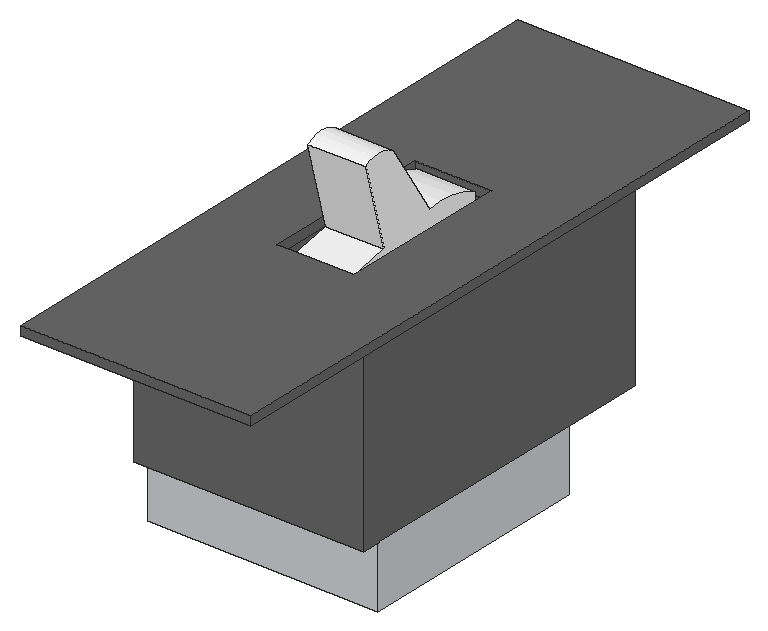
Revit family "Switch_Toggle_Leviton_Toggle-Lev-Lok", category Electrical Fixtures, Revit 2024
Family settings
  Round Connector Dimension = Use Diameter
  Part Type = Normal
  Work Plane-Based = Yes
  Always vertical = No
  Cut with Voids When Loaded = No
  Maintain Annotation Orientation = No
  Shared = No
  Room Calculation Point = No
Parameters
  offset [instance] = 0' - 0"
  Warranty Duration (Years) = 0
  Voltage_MEP = 0 V
  Unit Width = 0' - 1 1/2"
  Unit Height = 0' - 4 15/256"
  Unit Depth = 0' - 1 9/64"
  URL = "http://www.leviton.com/OA_HTML/Home.jsp?minisite=10251&respid=22372"
  Termination = "as Specified"
  Switch Height = 0' - 1"
  Standards Conformance = "as Specified"
  Specification = ""
  SpecWizard = ""
  Send Message = "http://www.arcat.com/users.pl?action=UserEmail&company=Leviton+Mfg.+Co.,+Inc.&coid=41690&rep=117&fax=631-812-6252&mf="
  Screw Mounts Location = 0' - 3 9/32"
  Sales Information = "http://www.leviton.com/OA_HTML/SectionDisplay.jsp?section=37579&minisite=10251"
  Revision = "R1_10-2012"
  Projection From Host = 0' - 0 161/256"
  Product Properties = ""
  Product Data = "http://arcat.com/arcatcos/cos41/arc41690.html?isac=1&r=1"
  Number of Poles = 1
  Model = "As Specified"
  Maximum Amperage = 0
  Manufacturer Website = "http://www.leviton.com/OA_HTML/Home.jsp?minisite=10251&respid=22372"
  Manufacturer Phone - Toll Free = "800-323-8920"
  Manufacturer Phone = ""
  Manufacturer Fax = "631-812-6252"
  Manufacturer Address = "201 N. Service Rd. Melville, NY 11747"
  Manufacturer = "Leviton Mfg. Co., Inc."
  Maintenance Schedule (Months) = 0
  MEP Apparent Power = 0 VA
  MEP Amperage = 0 A
  LevLok Wiring Module Type [instance] = LevLokWiringModule : MSPSW-SD
  Grounding = "as Specified"
  Backing Color = Thermoplastic - Leviton - Black
  Keynote = "16140"
  Installation-Fabrication = ""
  Installation Phase = "Electrical Wiring"
  HP Rating = "as Specified"
  Green Building-LEED = ""
  Fixture Material = Thermoplastic - Leviton - White
  Fixture Grade = "as Specified"
  Fixture Application = "as Specified"
  Expected Lifespan (Years) = 0
  Drawn By = "Sumex Design, Inc. / Robert S. Weygant, CSI, CDT, SCIP"
  Description = "Leviton Product as Specified"
  Default Elevation = 4' - 0"
  Copyright = "©Arcat Inc."
  Construction Details = ""
  Fixture Height = 0' - 2 27/128"
  Assembly Code = "D5020100"
  Acceptable Loads = "as Specified"
Reference planes (in)
  plane 1 "Center (Front/Back)": y = 0
  plane 2 "Bottom": z = 0
  plane 3 "Center (Left/Right)": x = 0
  plane 4 "Front": y = -2.0293
  plane 5 "Back": y = 2.0293
  plane 6 "Left": x = -0.75
  plane 7 "Right": x = 0.75
  plane 8 "Top": z = 0.62891
  plane 9: z = -1.14062
  plane 10: y = 0.5
  plane 11: y = -0.5
  plane 12: z = 0.45352
  plane 13: y = 1.10547
  plane 14: y = -1.10547
  plane 15: y = 1.64062
  plane 16: y = -1.64063
Forms (in)
  Extrusion 1, solid, material "Thermoplastic - Leviton - Black" <- "Backing Color"
    sketch origin (0, 0, 0) x (1, 0, 0) y (0, 1, 0)
      loop
        line (-0.75, 2.0293) -> (-0.75, -2.0293) -> (0.75, -2.0293) -> (0.75, 2.0293) -> (-0.75, 2.0293)
    from 0 to 0.0625
  Extrusion 2, solid, material "Thermoplastic - Leviton - Black" <- "Backing Color"
    sketch origin (0, 0, 0) x (1, 0, 0) y (0, 1, 0)
      loop
        line (-0.75, 1.10547) -> (-0.75, -1.10547) -> (0.75, -1.10547) -> (0.75, 1.10547) -> (-0.75, 1.10547)
    from 0 to -1.14062
  Extrusion 3, solid, material "Thermoplastic - Leviton - White" <- "Fixture Material"
    sketch origin (0, 0, 0) x (0, 1, 0) y (0, 0, 1)
      loop
        line (-0.24082, 0.05117) -> (-0.5, 0) -> (0.5, 0) -> (0.5, 0.0625)
        arc (0.5, 0.0625) -> (0.32175, 0.11934) -> (0.1347, 0.11601) r 0.57552
        line (0.1347, 0.11601) -> (-0.1633, 0.5929)
        arc (-0.1633, 0.5929) -> (-0.2746, 0.62897) -> (-0.3863, 0.59414) r 0.19309
        line (-0.3863, 0.59414) -> (-0.24082, 0.05117)
    from 0.1875 to -0.1875
  Extrusion 4, void
    sketch origin (0, 0, 0) x (1, 0, 0) y (0, 1, 0)
      loop
        line (-0.25, 0.5625) -> (-0.25, -0.5625) -> (0.25, -0.5625) -> (0.25, 0.5625) -> (-0.25, 0.5625)
    from 0.0625 to -0.13804
Cuts and joins
  Extrusion 4 cuts Extrusion 1
  Extrusion 4 cuts Extrusion 2
Dimensions and locks (in)
  equal spacing: plane 6 "Left", plane 3 "Center (Left/Right)", plane 7 "Right"
  "Unit Width": plane 6 "Left" to plane 7 "Right"
  equal spacing: plane 5 "Back", plane 1 "Center (Front/Back)", plane 4 "Front"
  "Unit Height": plane 5 "Back" to plane 4 "Front"
  "Projection From Host": plane 8 "Top" to level
  "Unit Depth": level to plane 9
  equal spacing: plane 10, plane 1 "Center (Front/Back)", plane 11
  "Switch Height": plane 10 to plane 11
  locked: plane 12 to plane 8 "Top" at 0.17539
  equal spacing: plane 13, plane 1 "Center (Front/Back)", plane 14
  "Fixture Height": plane 13 to plane 14
  equal spacing: plane 15, plane 1 "Center (Front/Back)", plane 16
  "Screw Mounts Location": plane 15 to plane 16
  aligned and locked: plane 6 "Left" to Extrusion 1 sketch curve
  aligned and locked: Extrusion 1 sketch curve to plane 5 "Back"
  aligned and locked: plane 4 "Front" to Extrusion 1 sketch curve
  aligned and locked: Extrusion 1 sketch curve to plane 7 "Right"
  aligned and locked: plane 6 "Left" to Extrusion 2 sketch curve
  aligned and locked: Extrusion 2 sketch curve to plane 13
  aligned and locked: plane 14 to Extrusion 2 sketch curve
  aligned and locked: Extrusion 2 sketch curve to plane 7 "Right"
  aligned and locked: Extrusion 2 to plane 9
  aligned and locked: level to Extrusion 2
Automatic sketch dimensions
  Extrusion 3 sketch curve to level = 0' - 0"
  Extrusion 3 sketch curve to plane 11 = 0' - 0"
  Extrusion 3 sketch curve to plane 10 = 0' - 0"
  Extrusion 3 sketch curve to plane 8 "Top" = 0' - 0.03477"
  plane 11 to Extrusion 3 sketch curve = 0' - 0.1137"
  plane 12 to Extrusion 3 sketch curve = 0' - 0.01764"
  Extrusion 3 sketch curve to Extrusion 3 sketch curve = 0' - 0.11062"
  level to Extrusion 3 sketch curve = 0' - 0.05117"
  plane 1 "Center (Front/Back)" to Extrusion 3 sketch curve = 0' - 0.24082"
  Extrusion 3 sketch curve to plane 8 "Top" = 0' - 0.03601"
  Extrusion 3 sketch curve to plane 1 "Center (Front/Back)" = 0' - 0.1347"
  Extrusion 3 sketch curve to plane 1 "Center (Front/Back)" = 0' - 0.23835"
  Extrusion 3 sketch curve to level = 0' - 0.4501"
  Extrusion 3 sketch curve to Extrusion 3 sketch curve = 0' - 0 1/16"
  Extrusion 4 sketch curve to plane 11 = 0' - 0 1/16"
  Extrusion 4 sketch curve to plane 3 "Center (Left/Right)" = 0' - 0 1/4"
  plane 10 to Extrusion 4 sketch curve = 0' - 0 1/16"
  plane 3 "Center (Left/Right)" to Extrusion 4 sketch curve = 0' - 0 1/4"
Nested families (in)
  nested 1: "LevLokWiringModule" at (0, -0.2113, -1.14063) x (1, 0, 0) z (0, 0, -1), type <- "LevLok Wiring Module Type", type "MSPSW-SD"
    with offset 0' - 0"
Connectors (in)
  electrical at (0, 0, 0)
    settings: index 1, voltage 0 V, apparent load 0 VA, apparent load phase1 0 VA, apparent load phase2 0 VA, apparent load phase3 0 VA, power factor 1, load classification "Other", number of poles 1, system type 31, power factor state 1, is connector primary yes, connector utility no, sub classification motor no, connector description ""
Definition of nested family "LevLokWiringModule"
  Parameters
    offset [instance] = 0' - 0"
    Warranty Duration (Years) = 0
    Voltage_MEP = 0 V
    Unit Width = 0' - 1 1/2"
    Unit Height = 0' - 1 141/256"
    Unit Depth = 0' - 0 51/128"
    URL = "http://www.leviton.com/OA_HTML/Home.jsp?minisite=10251&respid=22372"
    Termination = "as Specified"
    Specification = ""
    SpecWizard = ""
    Send Message = "http://www.arcat.com/users.pl?action=UserEmail&company=Leviton+Mfg.+Co.,+Inc.&coid=41690&rep=117&fax=631-812-6252&mf="
    Sales Information = "http://www.leviton.com/OA_HTML/SectionDisplay.jsp?section=37579&minisite=10251"
    Revision = "R1_10-2012"
    Product Properties = ""
    Product Data = "http://arcat.com/arcatcos/cos41/arc41690.html?isac=1&r=1"
    Number of Poles = 1
    Model = "As Specified"
    Manufacturer Website = "http://www.leviton.com/OA_HTML/Home.jsp?minisite=10251&respid=22372"
    Manufacturer Phone - Toll Free = "800-323-8920"
    Manufacturer Phone = ""
    Manufacturer Fax = "631-812-6252"
    Manufacturer Address = "201 N. Service Rd. Melville, NY 11747"
    Manufacturer = "Leviton Mfg. Co., Inc."
    Maintenance Schedule (Months) = 0
    MEP Apparent Power = 0 VA
    MEP Amperage = 0 A
    Keynote = "16140"
    Installation-Fabrication = ""
    Installation Phase = "Electrical Wiring"
    Grounding = "as Specified"
    Green Building-LEED = ""
    Expected Lifespan (Years) = 0
    Drawn By = "Sumex Design, Inc. / Robert S. Weygant, CSI, CDT, SCIP"
    Description = "Leviton Product as Specified"
    Default Elevation = 4' - 0"
    Copyright = "©Arcat Inc."
    Construction Details = ""
    Assembly Code = "D5020100"
  Reference planes (in)
    plane 1 "Center (Front/Back)": y = 0
    plane 2 "Bottom": z = 0
    plane 3 "Center (Left/Right)": x = 0
    plane 4 "Front": y = -0.77539
    plane 5 "Back": y = 0.77539
    plane 6 "Left": x = -0.75
    plane 7 "Right": x = 0.75
    plane 8 "Top": z = 0.39844
  Forms (in)
    Extrusion 1, solid
      sketch origin (0, 0, 0) x (1, 0, 0) y (0, 1, 0)
        loop
          line (-0.75, 0.77539) -> (-0.75, -0.77539) -> (0.75, -0.77539) -> (0.75, 0.77539) -> (-0.75, 0.77539)
      from 0 to 0.39844
  Dimensions and locks (in)
    equal spacing: plane 6 "Left", plane 3 "Center (Left/Right)", plane 7 "Right"
    "Unit Width": plane 6 "Left" to plane 7 "Right"
    equal spacing: plane 5 "Back", plane 1 "Center (Front/Back)", plane 4 "Front"
    "Unit Height": plane 5 "Back" to plane 4 "Front"
    "Unit Depth": plane 8 "Top" to level
    aligned and locked: plane 6 "Left" to Extrusion 1 sketch curve
    aligned and locked: Extrusion 1 sketch curve to plane 5 "Back"
    aligned and locked: plane 4 "Front" to Extrusion 1 sketch curve
    aligned and locked: Extrusion 1 sketch curve to plane 7 "Right"
    aligned and locked: plane 8 "Top" to Extrusion 1
